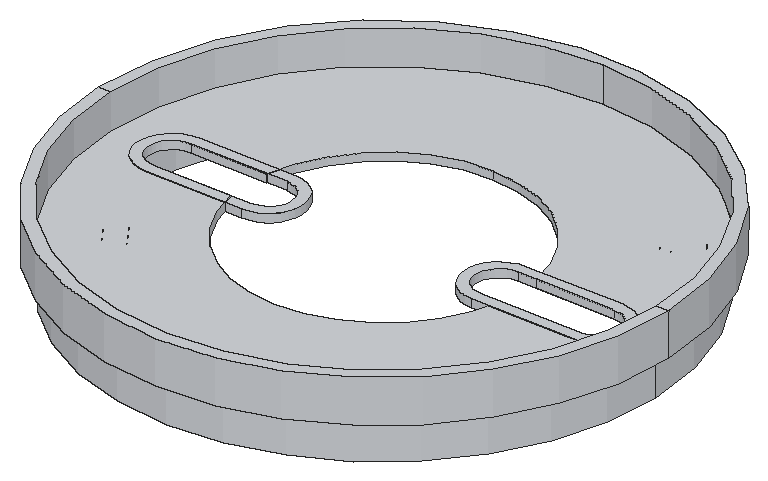
Revit family "БС300_05.06", category Оборудование, Revit 2019
Family settings
  Размер круглого соединителя = Использовать диаметр
  Классификация = Нет
  Тип детали = Нормальный
  На основе рабочей плоскости = Нет
  Всегда вертикально = Да
  При загрузке вырезать с полостями = Нет
  Общий = Нет
  Точка расчета площади = Нет
Parameters (values of type "БС300")
  Цвет корпуса [instance] = "кремово-белый (RAL 9001)"
  Фирма-изготовитель [instance] = "Плазма-Т"
  Температура транспортировки и хранения, °С [instance] = "от - 50 до +50"
  Радиус = Диаметр / 2  # 53.15 mm
  Общее описание [instance] = "База извещателя применяется для крепления дымовых и тепловых извещателей комплекта Спрут-2."
  Масса, грамм [instance] = "25"
  Габариты, мм [instance] = "диаметр - не более 107; высота - не более 16"
  Относительная влажность воздуха [instance] = "до 93% при +40 °С"
  Диапазон температур, °С [instance] = "от - 40 до +60"
  Диаметр = 106.3 mm
  Высота = 15.5 mm
Reference planes
  plane 1 "По центру (Вперед/Назад)": y = 0
  plane 2: z = 0
  plane 3 "По центру (Влево/Вправо)": x = 0
  plane 4: z = 15.5
  plane 5: x = 21.5
  plane 6: x = 39.5
  plane 7: x = -39.5
  plane 8: x = -21.5
Forms (mm)
  Revolve 1, solid
    sketch origin (0, 0, 15.3) x (-1, 0, 0) y (0, 0, -1)
      loop
        line (0, 15.5) -> (-50.69, 15.5) -> (-50.69, 8) -> (-53.15, 8) -> (-53.15, 0) -> (0, 0) -> (0, 15.5)
      axis (0, 0) -> (0, 15.5)
    angle from 0 to 360
  Extrusion 2, void
    sketch origin (0, 0, 15.3) x (0, 1, 0) y (1, 0, 0)
      loop
        circle (0, 0) r 50.95
    from 0 to 6.5
  Extrusion 3, void
    sketch origin (0, 0, 7.3) x (0, 1, 0) y (-1, 0, 0)
      loop
        circle (0, 0) r 25.5
    from 0 to 1.5
  Extrusion 4, solid
    sketch origin (0, 0, 0.8) x (1, 0, 0) y (0, 1, 0)
      loop
        line (-21.5, 6.25) -> (-39.5, 6.25)
        arc (-39.5, 6.25) -> (-45.75, 0) -> (-39.5, -6.25) r 6.25
        line (-39.5, -6.25) -> (-21.5, -6.25)
        arc (-21.5, -6.25) -> (-15.25, 0) -> (-21.5, 6.25) r 6.25
      loop
        line (39.5, 6.25) -> (21.5, 6.25)
        arc (21.5, 6.25) -> (15.25, 0) -> (21.5, -6.25) r 6.25
        line (21.5, -6.25) -> (39.5, -6.25)
        arc (39.5, -6.25) -> (45.75, 0) -> (39.5, 6.25) r 6.25
    from -0.8 to 8
  Extrusion 5, void
    sketch origin (0, 0, 0.8) x (1, 0, 0) y (0, 1, 0)
      loop
        line (-21.5, 2.25) -> (-35.894, 2.25)
        arc (-35.894, 2.25) -> (-43.75, 0) -> (-35.894, -2.25) r 4.25
        line (-35.894, -2.25) -> (-21.5, -2.25)
        arc (-21.5, -2.25) -> (-19.25, 0) -> (-21.5, 2.25) r 2.25
      loop
        line (39.5, 2.25) -> (25.106, 2.25)
        arc (25.106, 2.25) -> (17.25, 0) -> (25.106, -2.25) r 4.25
        line (25.106, -2.25) -> (39.5, -2.25)
        arc (39.5, -2.25) -> (41.75, 0) -> (39.5, 2.25) r 2.25
    from -0.8 to 8
  Extrusion 6, solid
    sketch origin (0, 0, 1.8) x (1, 0, 0) y (0, 1, 0)
      loop
        line (17.68, -38.289) -> (16.24, -33.921) -> (7.122, -36.927) -> (8.563, -41.296) -> (17.68, -38.289)
      loop
        line (-27.69, -25.447) -> (-33.231, -17.608) -> (-36.988, -20.263) -> (-31.447, -28.102) -> (-27.69, -25.447)
      loop
        line (27.69, -25.447) -> (31.447, -28.102) -> (36.988, -20.263) -> (33.231, -17.608) -> (27.69, -25.447)
      loop
        line (-7.442, -37.258) -> (-17.224, -34.033) -> (-18.095, -36.673) -> (-23.336, -33.76) -> (-25.619, -37.869) -> (-18.101, -42.046) -> (-16.972, -40.013) -> (-9.196, -42.577) -> (-7.442, -37.258)
      loop
        line (15.736, -35.14) -> (8.252, -37.607) -> (9.11, -40.21) -> (16.594, -37.742) -> (15.736, -35.14)
      loop
        line (-33.231, 17.608) -> (-27.69, 25.447) -> (-31.447, 28.102) -> (-36.988, 20.263) -> (-33.231, 17.608)
      loop
        line (27.69, 25.447) -> (33.231, 17.608) -> (36.988, 20.263) -> (31.447, 28.102) -> (27.69, 25.447)
      loop
        line (-29.003, -25.322) -> (-33.551, -18.887) -> (-35.789, -20.468) -> (-31.241, -26.904) -> (-29.003, -25.322)
      loop
        line (35.789, -20.468) -> (33.551, -18.887) -> (29.003, -25.322) -> (31.241, -26.904) -> (35.789, -20.468)
      loop
        line (-29.003, 25.322) -> (-31.241, 26.904) -> (-35.789, 20.468) -> (-33.551, 18.887) -> (-29.003, 25.322)
      loop
        line (33.551, 18.887) -> (35.789, 20.468) -> (31.241, 26.904) -> (29.003, 25.322) -> (33.551, 18.887)
      loop
        line (-9.115, -40.255) -> (-8.382, -38.033) -> (-15.866, -35.565) -> (-16.599, -37.788) -> (-9.115, -40.255)
      loop
        line (-22.712, -35.479) -> (-23.752, -37.35) -> (-19.189, -39.886) -> (-18.15, -38.015) -> (-22.712, -35.479)
    from 0 to 5.5
  Extrusion 7, solid
    sketch origin (0, 0, 7.3) x (-1, 0, 0) y (0, 1, 0)
      loop
        line (9.191, -39.399) -> (16.028, -37.144) -> (15.778, -36.384) -> (8.94, -38.639) -> (9.191, -39.399)
      loop
        line (19.103, -39.03) -> (23.08, -36.82) -> (22.691, -36.12) -> (18.714, -38.331) -> (19.103, -39.03)
      loop
        line (-16.024, -37.098) -> (-9.186, -39.353) -> (-8.935, -38.593) -> (-15.773, -36.338) -> (-16.024, -37.098)
      loop
        line (-30.139, -25.708) -> (-34.294, -19.828) -> (-34.948, -20.29) -> (-30.792, -26.17) -> (-30.139, -25.708)
      loop
        line (30.792, -26.17) -> (34.948, -20.29) -> (34.294, -19.828) -> (30.139, -25.708) -> (30.792, -26.17)
      loop
        line (-34.294, 19.828) -> (-30.139, 25.708) -> (-30.792, 26.17) -> (-34.948, 20.29) -> (-34.294, 19.828)
      loop
        line (30.139, 25.708) -> (34.294, 19.828) -> (34.948, 20.29) -> (30.792, 26.17) -> (30.139, 25.708)
    from 0 to 4.6
  Extrusion 8, void
    sketch origin (0, 0, -0.2) x (0, -1, 0) y (1, 0, 0)
      loop
        circle (0, 0) r 47.15
    from 0 to 7.5
  Extrusion 9, void
    sketch origin (0, 0, 5.5) x (-1, 0, 0) y (0, -1, 0)
      loop
        line (39.5, 4.25) -> (21.5, 4.25)
        arc (21.5, 4.25) -> (17.25, 0) -> (21.5, -4.25) r 4.25
        line (21.5, -4.25) -> (39.5, -4.25)
        arc (39.5, -4.25) -> (43.75, 0) -> (39.5, 4.25) r 4.25
      loop
        line (-21.5, 4.25) -> (-39.5, 4.25)
        arc (-39.5, 4.25) -> (-43.75, 0) -> (-39.5, -4.25) r 4.25
        line (-39.5, -4.25) -> (-21.5, -4.25)
        arc (-21.5, -4.25) -> (-17.25, 0) -> (-21.5, 4.25) r 4.25
    from -0.527 to 3.3
Cuts and joins
  Extrusion 2, Extrusion 3, Extrusion 5, Extrusion 8, Extrusion 9 cuts Revolve 1
  Extrusion 5, Extrusion 8, Extrusion 9 cuts Extrusion 4
Dimensions and locks
  "Высота": plane 4 to level
  "Радиус": Revolve 1 sketch curve to Revolve 1 sketch curve
  locked: Extrusion 4 sketch curve to Extrusion 4 sketch curve at 12.5  (x2)
  locked: plane 8 to plane 3 "По центру (Влево/Вправо)" at 21.5
  locked: plane 3 "По центру (Влево/Вправо)" to plane 5 at 21.5
  locked: plane 5 to plane 6 at 18
  locked: plane 7 to plane 8 at 18
  locked: Extrusion 5 sketch curve to Extrusion 5 sketch curve at 4.5  (x2)
  locked: Extrusion 6 sketch curve to Extrusion 6 sketch curve at 9.6  (x5)
  locked: Extrusion 6 sketch curve to Extrusion 6 sketch curve at 4.6  (x5)
  locked: Extrusion 6 sketch curve to Extrusion 6 sketch curve at 10.3
  locked: Extrusion 6 sketch curve to Extrusion 6 sketch curve at 5.6
  locked: Extrusion 6 sketch curve to Extrusion 6 sketch curve at 8.6
  locked: Extrusion 6 sketch curve to Extrusion 6 sketch curve at 4.7
  locked: Revolve 1 sketch curve to Revolve 1 sketch curve at 50.69
  locked: Revolve 1 sketch curve to Revolve 1 sketch curve at 7.5
  diameter of Extrusion 2 sketch curve = 101.9 mm
  diameter of Extrusion 3 sketch curve = 51 mm
  radius of Extrusion 5 sketch curve = 4.25 mm  (x2)
  diameter of Extrusion 8 sketch curve = 94.3 mm
  aligned and locked: level to plane 2
  aligned and locked: Revolve 1 sketch curve to plane 3 "По центру (Влево/Вправо)"
  aligned and locked: Revolve 1 sketch curve to Revolve 1 sketch curve
  aligned and locked: Extrusion 2 sketch curve to plane 3 "По центру (Влево/Вправо)"
  aligned and locked: plane 1 "По центру (Вперед/Назад)" to Extrusion 2 sketch curve
  aligned and locked: plane 3 "По центру (Влево/Вправо)" to Extrusion 3 sketch curve
  aligned and locked: Extrusion 3 sketch curve to plane 1 "По центру (Вперед/Назад)"
  aligned and locked: Extrusion 8 sketch curve to plane 3 "По центру (Влево/Вправо)"
  aligned and locked: plane 1 "По центру (Вперед/Назад)" to Extrusion 8 sketch curve
  aligned and locked: Extrusion 9 sketch curve to cut or joined group of Extrusion 4, Extrusion 5, Extrusion 8, Extrusion 9  (x2)
Automatic sketch dimensions
  plane 4 to Revolve 1 sketch curve = 9.8 mm
  Revolve 1 sketch curve to Revolve 1 sketch curve = 10.4 mm
  Extrusion 4 sketch curve to plane 7 = 0 mm
  Extrusion 4 sketch curve to plane 8 = 0 mm
  Extrusion 4 sketch curve to plane 5 = 0 mm
  Extrusion 4 sketch curve to plane 6 = 0 mm
  plane 1 "По центру (Вперед/Назад)" to Extrusion 4 sketch curve = 0 mm  (x2)
  Extrusion 5 sketch curve to Extrusion 4 = 6.25 mm  (x2)
  Extrusion 5 sketch curve to Extrusion 4 = 4 mm  (x2)
  Extrusion 5 sketch curve to Extrusion 5 sketch curve = 14.394 mm  (x2)
  Extrusion 5 sketch curve to Extrusion 5 sketch curve = 43 mm
  Extrusion 5 sketch curve to Extrusion 5 sketch curve = 0 mm  (x2)
  Extrusion 6 sketch curve to plane 7 = 2.512 mm  (x2)
  Extrusion 6 sketch curve to Extrusion 6 sketch curve = 1.199 mm  (x4)
  Extrusion 6 sketch curve to Extrusion 6 sketch curve = 2.238 mm  (x4)
  Extrusion 6 sketch curve to Extrusion 6 sketch curve = 0.32 mm  (x4)
  Extrusion 6 sketch curve to Extrusion 6 sketch curve = 0.206 mm  (x6)
  plane 8 to Extrusion 6 sketch curve = 4.119 mm
  Extrusion 6 sketch curve to Extrusion 6 sketch curve = 1.867 mm
  plane 8 to Extrusion 6 sketch curve = 1.836 mm
  plane 8 to Extrusion 6 sketch curve = 1.212 mm
  Extrusion 6 sketch curve to plane 8 = 2.311 mm
  Extrusion 6 sketch curve to Extrusion 6 sketch curve = 0.055 mm
  Extrusion 6 sketch curve to Extrusion 6 sketch curve = 0.87 mm
  Extrusion 6 sketch curve to Extrusion 6 sketch curve = 2.217 mm
  Extrusion 6 sketch curve to Extrusion 6 sketch curve = 1.551 mm
  Extrusion 6 sketch curve to Extrusion 6 sketch curve = 1.358 mm
  Extrusion 6 sketch curve to Extrusion 6 sketch curve = 0.081 mm
  plane 3 "По центру (Влево/Вправо)" to Extrusion 6 sketch curve = 7.122 mm
  Extrusion 6 sketch curve to Extrusion 6 sketch curve = 1.13 mm
  Extrusion 6 sketch curve to Extrusion 6 sketch curve = 0.311 mm
  Extrusion 6 sketch curve to Extrusion 6 sketch curve = 0.547 mm  (x2)
  Extrusion 6 sketch curve to Extrusion 6 sketch curve = 0.504 mm
  Extrusion 6 sketch curve to plane 5 = 6.19 mm  (x2)
  Extrusion 6 sketch curve to Extrusion 6 sketch curve = 1.313 mm  (x2)
  plane 1 "По центру (Вперед/Назад)" to Extrusion 6 sketch curve = 42.577 mm
  Extrusion 6 sketch curve to Extrusion 6 sketch curve = 4.037 mm
  Extrusion 6 sketch curve to Extrusion 6 sketch curve = 2.321 mm
  Extrusion 6 sketch curve to Extrusion 6 sketch curve = 1.086 mm
  Extrusion 6 sketch curve to Extrusion 6 sketch curve = 0.127 mm
  Extrusion 6 sketch curve to Extrusion 6 sketch curve = 0.775 mm
  Extrusion 6 sketch curve to Extrusion 6 sketch curve = 1.342 mm
  Extrusion 6 sketch curve to Extrusion 6 sketch curve = 5.818 mm
  Extrusion 6 sketch curve to Extrusion 6 sketch curve = 5.658 mm
  Extrusion 6 sketch curve to Extrusion 6 sketch curve = 0.125 mm  (x2)
  Extrusion 6 sketch curve to plane 1 "По центру (Вперед/Назад)" = 17.608 mm  (x2)
  Extrusion 6 sketch curve to Extrusion 6 sketch curve = 1.279 mm  (x2)
  Extrusion 7 sketch curve to Extrusion 7 sketch curve = 0 mm  (x2)
  Extrusion 7 sketch curve to Extrusion 7 sketch curve = 0.653 mm  (x4)
  Extrusion 7 sketch curve to Extrusion 7 sketch curve = 4.155 mm  (x4)
  Extrusion 7 sketch curve to Extrusion 7 sketch curve = 14.115 mm
  Extrusion 7 sketch curve to Extrusion 7 sketch curve = 0.251 mm  (x2)
  Extrusion 7 sketch curve to Extrusion 7 sketch curve = 6.838 mm  (x2)
  Extrusion 7 sketch curve to Extrusion 7 sketch curve = 17.875 mm
  Extrusion 7 sketch curve to Extrusion 7 sketch curve = 2.686 mm
  Extrusion 7 sketch curve to Extrusion 7 sketch curve = 0.389 mm
  Extrusion 7 sketch curve to Extrusion 7 sketch curve = 3.977 mm
  Extrusion 7 sketch curve to Extrusion 7 sketch curve = 60.278 mm
  Extrusion 7 sketch curve to Extrusion 7 sketch curve = 7.448 mm
  Extrusion 7 sketch curve to Extrusion 7 sketch curve = 0.462 mm  (x4)
  Extrusion 7 sketch curve to Extrusion 7 sketch curve = 39.657 mm  (x2)
  Extrusion 7 sketch curve to Extrusion 7 sketch curve = 10.412 mm
  Extrusion 7 sketch curve to Extrusion 7 sketch curve = 10.63 mm
  Extrusion 7 sketch curve to Extrusion 7 sketch curve = 0.264 mm
  Extrusion 7 sketch curve to Extrusion 7 sketch curve = 0.699 mm
  Extrusion 7 sketch curve to Extrusion 7 sketch curve = 0.76 mm  (x2)
  Revolve 1 sketch curve to plane 4 = 0.2 mm
  level to Revolve 1 sketch curve = 7.3 mm
  Extrusion 9 sketch curve to plane 6 = 0 mm
  Extrusion 9 sketch curve to plane 8 = 0 mm
Connectors
  electrical at (0, 10.19, 15.3)
    settings: on cut or joined group of Revolve 1, Extrusion 2, Extrusion 3, Extrusion 5, Extrusion 8, Extrusion 9, index 1, voltage 0 V, apparent load 0 VA, apparent load phase1 0 VA, apparent load phase2 0 VA, apparent load phase3 0 VA, power factor 1, load classification "Прочее", number of poles 1, system type 11, power factor state 1, is connector primary yes, connector utility no, sub classification motor no, connector description ""
